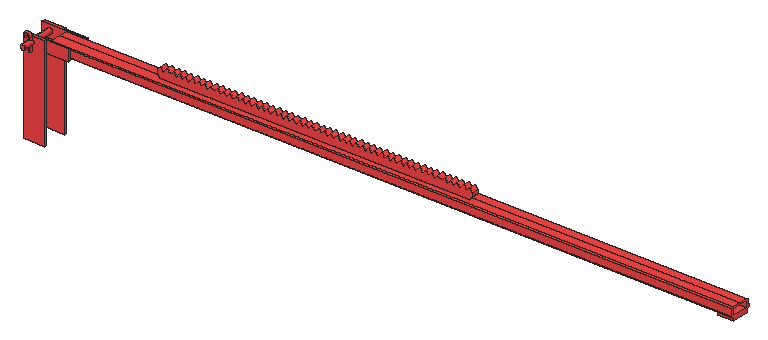
Revit family "051040_Rack CB 240", category Generic Models, Revit 2019
Family settings
  Can host rebar = No
  Round Connector Dimension = Use Diameter
  Part Type = Normal
  Work Plane-Based = No
  Always vertical = Yes
  Cut with Voids When Loaded = No
  Shared = No
  Room Calculation Point = No
Reference planes
  plane 1 "Center (Front/Back)": y = 0
  plane 2: z = 0
  plane 3 "Center (Left/Right)": x = 0
  plane 4: z = 2160
  plane 5: x = 2192
  plane 6: x = 32
  plane 7: z = 2240
Forms (mm)
  Extrusion 1, solid, material "Steel"
    sketch origin (1104.315, 16.205, 1120.811) x (0, 1, 0) y (0.000252, 0, -1)
      loop
        line (0, 0) -> (28, 0) -> (32, 4) -> (32, 26) -> (28, 30) -> (-28, 30) -> (-32, 26) -> (-32, 4) -> (-28, 0) -> (0, 0)
      loop
        line (28, 26) -> (-28, 26) -> (-28, 4) -> (0, 4) -> (28, 4) -> (28, 26)
    from 0 to 2160
  Extrusion 2, solid, material "Steel"
    sketch origin (1104.315, 16.205, 1120.811) x (0, 1, 0) y (0.000252, 0, -1)
      loop
        line (0, 40) -> (-25, 40) -> (-25, 30) -> (25, 30) -> (25, 40) -> (0, 40)
    from 0 to 50
  Extrusion 3, solid, material "Steel"
    sketch origin (1085.965, 16.205, 1120.807) x (0.000252, 0, -1) y (-1, 0, -0.000252)
      loop
        line (0, 2160) -> (0, 2081.651) -> (35, 2081.651) -> (35, 2154.337) -> (40, 2154.337) -> (40, 2221.651) -> (0, 2221.651) -> (0, 2160)
    from 32 to 37
  Extrusion 4, solid, material "Steel"
    sketch origin (1085.965, 16.205, 1120.807) x (0.000252, 0, -1) y (1, 0, 0.000252)
      loop
        line (0, -2160) -> (0, -2221.651) -> (40, -2221.651) -> (40, -2154.337) -> (35, -2154.337) -> (35, -2081.651) -> (0, -2081.651) -> (0, -2160)
    from 32 to 37
  Extrusion 5, solid, material "Steel"
    sketch origin (1104.315, 16.205, 1120.811) x (0.000252, 0, -1) y (-1, 0, -0.000252)
      loop
        circle (18.738, 2216.599) r 8
    from -74.166 to 37
  Extrusion 6, solid, material "Steel"
    sketch origin (1086.984, 16.205, 1120.807) x (0.000252, 0, -1) y (-1, 0, -0.000252)
      loop
        circle (18.738, 2199.027) r 15
    from 42.805 to 37
  Extrusion 7, solid, material "Steel"
    sketch origin (1104.315, 16.205, 1120.811) x (0, 1, 0) y (-1, 0, -0.000252)
      loop
        circle (-44.512, 2216.875) r 3
    from -44.059 to 0
  Revolve 8, solid, material "Steel"
    sketch origin (1104.315, 16.205, 1120.811) x (0, 1, 0) y (-1, 0, -0.000252)
      loop
        circle (-44.512, 2216.875) r 3
      axis (-47.512, 2224.089) -> (-41.512, 2224.089)
    angle from 0 to -180
  Extrusion 9, solid, material "Steel"
    sketch origin (1089.887, 16.205, 1120.808) x (0, 1, 0) y (-1, 0, -0.000252)
      loop
        circle (-44.512, 2216.875) r 3
    from -6.995 to 0
  Extrusion 10, solid, material "Steel"
    sketch origin (1104.315, 16.205, 1120.811) x (0, 1, 0) y (-1, 0, -0.000252)
      loop
        line (10, 1840) -> (-10, 1840) -> (-10, 840) -> (10, 840) -> (10, 1840)
    from 0 to 33
  Extrusion 11, void
    sketch origin (1104.315, 16.205, 1120.811) x (0.000252, 0, -1) y (-1, 0, -0.000252)
      loop
        line (-43, 1840) -> (-43, 840) -> (-23, 840) -> (-33, 850) -> (-23, 860) -> (-33, 870) -> (-23, 880) -> (-33, 890) -> (-23, 900) -> (-33, 910) -> (-23, 920) -> (-33, 930) -> (-23, 940) -> (-33, 950) -> (-23, 960) -> (-33, 970) -> (-23, 980) -> (-33, 990) -> (-23, 1000) -> (-33, 1010) -> (-23, 1020) -> (-33, 1030) -> (-23, 1040) -> (-33, 1050) -> (-23, 1060) -> (-33, 1070) -> (-23, 1080) -> (-33, 1090) -> (-23, 1100) -> (-33, 1110) -> (-23, 1120) -> (-33, 1130) -> (-23, 1140) -> (-33, 1150) -> (-23, 1160) -> (-33, 1170) -> (-23, 1180) -> (-33, 1190) -> (-23, 1200) -> (-33, 1210) -> (-23, 1220) -> (-33, 1230) -> (-23, 1240) -> (-33, 1250) -> (-23, 1260) -> (-33, 1270) -> (-23, 1280) -> (-33, 1290) -> (-23, 1300) -> (-33, 1310) -> (-23, 1320) -> (-33, 1330) -> (-23, 1340) -> (-33, 1350) -> (-23, 1360) -> (-33, 1370) -> (-23, 1380) -> (-33, 1390) -> (-23, 1400) -> (-33, 1410) -> (-23, 1420) -> (-33, 1430) -> (-23, 1440) -> (-33, 1450) -> (-23, 1460) -> (-33, 1470) -> (-23, 1480) -> (-33, 1490) -> (-23, 1500) -> (-33, 1510) -> (-23, 1520) -> (-33, 1530) -> (-23, 1540) -> (-33, 1550) -> (-23, 1560) -> (-33, 1570) -> (-23, 1580) -> (-33, 1590) -> (-23, 1600) -> (-33, 1610) -> (-23, 1620) -> (-33, 1630) -> (-23, 1640) -> (-33, 1650) -> (-23, 1660) -> (-33, 1670) -> (-23, 1680) -> (-33, 1690) -> (-23, 1700) -> (-33, 1710) -> (-23, 1720) -> (-33, 1730) -> (-23, 1740) -> (-33, 1750) -> (-23, 1760) -> (-33, 1770) -> (-23, 1780) -> (-33, 1790) -> (-23, 1800) -> (-33, 1810) -> (-23, 1820) -> (-33, 1830) -> (-23, 1840) -> (-43, 1840)
    from -10 to 10
  Extrusion 12, void
    sketch origin (1104.315, 16.205, 1120.811) x (0.000252, 0, -1) y (-1, 0, -0.000252)
      loop
        line (0, 1840) -> (-10, 1840) -> (0, 1830) -> (0, 1840)
      loop
        line (0, 840) -> (0, 850) -> (-10, 840) -> (0, 840)
    from -10 to 10
  Extrusion 13, solid, material "Steel"
    sketch origin (0, 0, 0) x (1, 0, 0) y (0, 0, 1)
      loop
        line (-1135.685, 1120.247) -> (-1135.685, 820.247) -> (-1068.363, 820.247) -> (-1068.363, 1120.247) -> (-1135.685, 1120.247)
    from 20.795 to 24.71
  Extrusion 14, solid, material "Steel"
    sketch origin (0, 0, 0) x (1, 0, 0) y (0, 0, 1)
      loop
        line (-1135.685, 1120.247) -> (-1135.685, 820.247) -> (-1068.363, 820.247) -> (-1068.363, 1120.247) -> (-1135.685, 1120.247)
    from -53.205 to -56.596
Cuts and joins
  Extrusion 11, Extrusion 12 cuts Extrusion 10
  joined: Extrusion 1, Extrusion 2, Extrusion 3, Extrusion 4, Extrusion 5, Extrusion 6, Extrusion 7, Revolve 8, Extrusion 9, Extrusion 10, Extrusion 13, Extrusion 14
Dimensions and locks
  aligned and locked: level to plane 2
